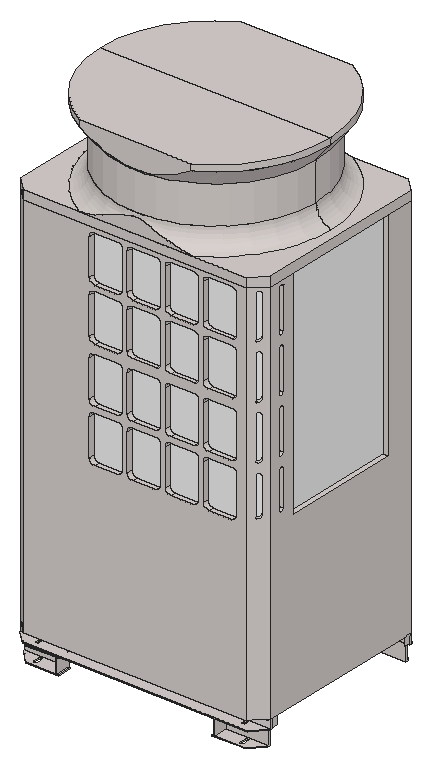
Revit family "PUHY-EM250YNW-A1", category 機械設備, Revit 2016 (continued)
Definition of nested family "FAN GUARD"
  Dimensions and locks
    locked: plane 10 "ファンガード上面" to plane 9 "ファンガード基準上面" at 303
    aligned and locked: level to plane 2
    aligned and locked: plane 5 to Extrusion 1 sketch curve
    aligned and locked: Extrusion 1 sketch curve to plane 6
    aligned and locked: plane 8 to Extrusion 1 sketch curve
    aligned and locked: plane 7 to Extrusion 1 sketch curve
    aligned and locked: plane 9 "ファンガード基準上面" to Extrusion 1
    aligned and locked: plane 4 "ファンガード基準面" to Extrusion 1
    aligned and locked: plane 9 "ファンガード基準上面" to Revolve 2 sketch curve
    aligned and locked: Revolve 2 sketch curve to plane 3 "中心(左/右)"
    aligned and locked: Extrusion 1 to Extrusion 3 sketch curve
    aligned and locked: Extrusion 3 sketch curve to Extrusion 1
    aligned and locked: cut or joined group of Revolve 2, Extrusion 3 to plane 10 "ファンガード上面"
  Automatic sketch dimensions
    Extrusion 1 sketch curve to plane 7 = 50.000 mm  (x2)
    plane 8 to Extrusion 1 sketch curve = 50.000 mm  (x2)
    plane 5 to Extrusion 1 sketch curve = 50.000 mm  (x2)
    Extrusion 1 sketch curve to plane 6 = 50.000 mm  (x2)
    plane 3 "中心(左/右)" to Extrusion 3 sketch curve = 345.000 mm  (x2)
    Extrusion 3 sketch curve to plane 3 "中心(左/右)" = 345.000 mm  (x2)
    Extrusion 3 sketch curve to Extrusion 3 sketch curve = 175.000 mm
    Extrusion 3 sketch curve to Extrusion 3 sketch curve = 169.592 mm
    plane 1 "中心(正面/背面)" to curve 2 = 0.000 mm
    plane 1 "中心(正面/背面)" to curve 3 = 0.000 mm
    curve 3 to plane 3 "中心(左/右)" = 0.000 mm
    curve 12 to plane 3 "中心(左/右)" = 0.000 mm
    plane 1 "中心(正面/背面)" to curve 1 = 0.000 mm
    plane 3 "中心(左/右)" to curve 55 = 10.000 mm
    curve 17 to curve 12 = 20.000 mm
    curve 57 to curve 55 = 20.000 mm
    curve 18 to curve 17 = 20.000 mm
    curve 58 to curve 57 = 20.000 mm
    curve 19 to curve 18 = 20.000 mm
    curve 59 to curve 58 = 20.000 mm
    curve 20 to curve 19 = 20.000 mm
    curve 2 to curve 59 = 10.000 mm
    curve 21 to curve 20 = 20.000 mm
    curve 22 to curve 21 = 20.000 mm
    curve 23 to curve 22 = 20.000 mm
    curve 24 to curve 23 = 20.000 mm
    curve 25 to curve 24 = 20.000 mm
    curve 26 to curve 25 = 20.000 mm
    curve 27 to curve 26 = 20.000 mm
    curve 28 to curve 27 = 20.000 mm
    curve 29 to curve 28 = 20.000 mm
    curve 11 to curve 29 = 16.639 mm
    curve 7 to curve 29 = 16.639 mm
    curve 30 to curve 7 = 3.361 mm
    curve 31 to curve 30 = 20.000 mm
    curve 32 to curve 31 = 20.000 mm
    curve 33 to curve 32 = 20.000 mm
    curve 6 to curve 33 = 8.323 mm
    curve 10 to curve 33 = 8.323 mm
    curve 34 to curve 10 = 11.677 mm
    curve 35 to curve 34 = 20.000 mm
    curve 9 to curve 35 = 11.572 mm
    curve 5 to curve 35 = 11.572 mm
    curve 36 to curve 9 = 8.428 mm
    curve 8 to curve 36 = 15.366 mm
    curve 4 to curve 36 = 15.366 mm
    curve 37 to curve 8 = 4.634 mm
    curve 2 to curve 37 = 3.000 mm
    curve 56 to plane 3 "中心(左/右)" = 10.000 mm
    curve 13 to plane 3 "中心(左/右)" = 20.000 mm
    curve 56 to curve 60 = 20.000 mm
    curve 13 to curve 14 = 20.000 mm
    curve 60 to curve 61 = 20.000 mm
    curve 14 to curve 15 = 20.000 mm
    curve 61 to curve 62 = 20.000 mm
    curve 15 to curve 16 = 20.000 mm
    curve 16 to curve 38 = 20.000 mm
    curve 38 to curve 39 = 20.000 mm
    curve 39 to curve 40 = 20.000 mm
    curve 40 to curve 41 = 20.000 mm
    curve 41 to curve 42 = 20.000 mm
    curve 42 to curve 43 = 20.000 mm
    curve 43 to curve 44 = 20.000 mm
    curve 44 to curve 45 = 20.000 mm
    curve 45 to curve 46 = 20.000 mm
    curve 46 to curve 7 = 16.639 mm
    curve 46 to curve 11 = 16.639 mm
    curve 7 to curve 47 = 3.361 mm
    curve 47 to curve 48 = 20.000 mm
    curve 48 to curve 49 = 20.000 mm
    curve 49 to curve 50 = 20.000 mm
    curve 50 to curve 6 = 8.323 mm
    curve 50 to curve 10 = 8.323 mm
    curve 10 to curve 51 = 11.677 mm
    curve 51 to curve 52 = 20.000 mm
    curve 52 to curve 9 = 11.572 mm
    curve 52 to curve 5 = 11.572 mm
    curve 5 to curve 53 = 8.428 mm
    curve 53 to curve 4 = 15.366 mm
    curve 53 to curve 8 = 15.366 mm
    curve 4 to curve 54 = 4.634 mm
    curve 54 to curve 1 = 3.000 mm
    curve 8 to plane 1 "中心(正面/背面)" = 80.000 mm
    curve 36 to curve 8 = 57.583 mm
    curve 53 to curve 8 = 57.583 mm
    curve 9 to curve 36 = 22.417 mm
    curve 52 to curve 9 = 25.820 mm
    curve 35 to curve 9 = 25.820 mm
    curve 51 to curve 52 = 36.282 mm
    curve 34 to curve 35 = 36.282 mm
    curve 10 to curve 51 = 17.899 mm
    curve 33 to curve 10 = 11.653 mm
    curve 50 to curve 10 = 11.653 mm
    curve 49 to curve 50 = 24.986 mm
    curve 32 to curve 33 = 24.986 mm
    curve 48 to curve 49 = 21.571 mm
    curve 31 to curve 32 = 21.571 mm
    curve 47 to curve 48 = 18.853 mm
    curve 30 to curve 31 = 18.853 mm
    curve 11 to curve 30 = 2.937 mm
    curve 29 to curve 11 = 13.660 mm
    curve 46 to curve 11 = 13.660 mm
    curve 28 to curve 29 = 14.663 mm
    curve 45 to curve 46 = 14.663 mm
    curve 44 to curve 45 = 12.965 mm
    curve 27 to curve 28 = 12.965 mm
    curve 12 to curve 27 = 8.712 mm
    curve 12 to curve 21 = 0.000 mm
    curve 13 to curve 12 = 0.000 mm
    curve 14 to curve 13 = 0.000 mm  (x2)
    curve 12 to curve 18 = 0.000 mm
    curve 21 to curve 23 = 0.000 mm
    curve 43 to curve 44 = 8.712 mm
    curve 23 to curve 24 = 0.000 mm  (x2)
    curve 43 to curve 42 = 0.000 mm  (x2)
    curve 24 to curve 25 = 0.000 mm  (x2)
    curve 42 to curve 41 = 0.000 mm  (x2)
    curve 25 to curve 26 = 0.000 mm  (x2)
    curve 41 to curve 40 = 0.000 mm  (x2)
    curve 20 to curve 21 = 0.000 mm  (x2)
    curve 40 to curve 39 = 0.000 mm  (x2)
    curve 15 to curve 14 = 0.000 mm
    curve 39 to curve 38 = 0.000 mm
    curve 38 to curve 16 = 0.000 mm  (x2)
    curve 18 to curve 19 = 0.000 mm  (x2)
    curve 12 to curve 17 = 0.000 mm  (x2)
    curve 21 to curve 22 = 0.000 mm  (x2)
    curve 8 to curve 37 = 29.711 mm
    curve 8 to curve 54 = 29.711 mm
    plane 1 "中心(正面/背面)" to curve 37 = 50.289 mm
    plane 1 "中心(正面/背面)" to curve 54 = 50.289 mm
    curve 37 to curve 4 = 29.711 mm
    curve 4 to curve 36 = 57.583 mm
    curve 4 to curve 53 = 57.583 mm
    curve 36 to curve 5 = 22.417 mm
    curve 5 to curve 52 = 25.820 mm
    curve 5 to curve 35 = 25.820 mm
    curve 35 to curve 34 = 36.282 mm
    curve 52 to curve 51 = 36.282 mm
    curve 51 to curve 6 = 17.899 mm
    curve 6 to curve 50 = 11.653 mm
    curve 6 to curve 33 = 11.653 mm
    curve 50 to curve 49 = 24.986 mm
    curve 33 to curve 32 = 24.986 mm
    curve 49 to curve 48 = 21.571 mm
    curve 32 to curve 31 = 21.571 mm
    curve 48 to curve 47 = 18.853 mm
    curve 31 to curve 30 = 18.853 mm
    curve 30 to curve 7 = 2.937 mm
    curve 7 to curve 46 = 13.660 mm
    curve 7 to curve 29 = 13.660 mm
    curve 29 to curve 28 = 14.663 mm
    curve 46 to curve 45 = 14.663 mm
    curve 45 to curve 44 = 12.965 mm
    curve 28 to curve 27 = 12.965 mm
    curve 44 to curve 13 = 8.712 mm
    curve 27 to curve 23 = 8.712 mm
    curve 15 to curve 13 = 0.000 mm
    curve 44 to curve 42 = 8.712 mm
    curve 16 to curve 15 = 0.000 mm
    curve 22 to curve 23 = 0.000 mm
    curve 13 to curve 17 = 0.000 mm
    curve 17 to curve 19 = 0.000 mm
    Revolve 2 sketch curve to plane 3 "中心(左/右)" = 0.000 mm
    Revolve 2 sketch curve to plane 10 "ファンガード上面" = 0.000 mm
    plane 9 "ファンガード基準上面" to Revolve 2 sketch curve = 70.141 mm
    Revolve 2 sketch curve to Revolve 2 sketch curve = 18.161 mm
    Revolve 2 sketch curve to level = 1700.815 mm
    Revolve 2 sketch curve to plane 10 "ファンガード上面" = 93.336 mm
    Revolve 2 sketch curve to plane 10 "ファンガード上面" = 24.000 mm
    Revolve 2 sketch curve to Revolve 2 sketch curve = 790.769 mm
    Revolve 2 sketch curve to Revolve 2 sketch curve = 17.668 mm
Definition of nested family "BASE LEG"
  Parameters
    Width [instance] = 920.000 mm
  Reference planes
    plane 1 "中心(正面/背面)": y = 0
    plane 2: z = 0
    plane 3 "中心(左/右)": x = 0
    plane 4: x = 460
    plane 5: x = -460
    plane 6: x = -380
    plane 7: x = 380
    plane 8: y = -18
    plane 9: y = 39
    plane 10: z = 53
    plane 11: y = 42
    plane 12: y = 27
    plane 13: x = 415
    plane 14: x = -415
    plane 15: z = 8
    plane 16: y = 11.5
    plane 17: z = 35
  Forms (mm)
    Extrusion 1, solid
      sketch origin (0, 0, 0) x (0, 1, 0) y (0, 0, 1)
        loop
          line (-18, 0) -> (36, 0) -> (36, 32) -> (56, 32) -> (56, 35) -> (33, 35) -> (33, 3) -> (-18, 3) -> (-18, 0)
      from -460 to 460
    Extrusion 2, void
      sketch origin (0, 0, 0) x (1, 0, 0) y (0, 1, 0)
        loop
          line (415, -18) -> (460, -18) -> (460, 27) -> (415, -18)
        loop
          line (-415, -18) -> (-460, 27) -> (-460, -18) -> (-415, -18)
      from 0 to 250
    Extrusion 3, void
      sketch origin (0, 12.023, 0) x (1, 0, 0) y (0, 1, 0)
        loop
          arc (373, -2.971) -> (380, -9.971) -> (387, -2.971) r 7
          line (387, -2.971) -> (387, 3.023)
          arc (387, 3.023) -> (380, 10.023) -> (373, 3.023) r 7
          line (373, 3.023) -> (373, -2.971)
        loop
          line (-373, -2.971) -> (-373, 3.023)
          arc (-373, 3.023) -> (-380, 10.023) -> (-387, 3.023) r 7
          line (-387, 3.023) -> (-387, -2.971)
          arc (-387, -2.971) -> (-380, -9.971) -> (-373, -2.971) r 7
      from 0 to 250
    Extrusion 4, solid
      sketch origin (0, 0, -3) x (1, 0, 0) y (0, 0, 1)
        loop
          line (457, 8) -> (460, 8) -> (460, 35) -> (457, 35) -> (457, 8)
        loop
          line (-457, 8) -> (-457, 35) -> (-460, 35) -> (-460, 8) -> (-457, 8)
      from -36 to -56
    Extrusion 5, solid
      sketch origin (150, 352, 0) x (1, 0, 0) y (0, 1, 0)
        loop
          line (310, -319) -> (305, -319) -> (305, -320) -> (255, -370) -> (260, -370) -> (310, -320) -> (310, -319)
      from 3 to 35
    Extrusion 6, void
      sketch origin (410, -18, 0) x (0.707107, 0.707107, 0) y (0, 0, 1)
        loop
          line (70.711, 3) -> (-6.741, 39.767) -> (-6.741, 3) -> (70.711, 3)
      from -190.256 to 23.776
    Extrusion 7, solid
      sketch origin (-150, 352, 0) x (-1, 0, 0) y (0, -1, 0)
        loop
          line (310, 319) -> (310, 320) -> (260, 370) -> (255, 370) -> (305, 320) -> (305, 319) -> (310, 319)
      from 3 to 35
    Extrusion 8, void
      sketch origin (-410, -18, 0) x (0.707107, -0.707107, 0) y (0, 0, -1)
        loop
          line (-70.711, -3) -> (0, -35) -> (6.741, -35) -> (6.741, -3) -> (-70.711, -3)
      from -190.256 to 23.776
  Cuts and joins
    Extrusion 2, Extrusion 3 cuts Extrusion 1
    joined: Extrusion 1, Extrusion 4
    Extrusion 8 cuts Extrusion 7
    Extrusion 6 cuts Extrusion 5
  Dimensions and locks
    "Width": plane 5 to plane 4
    equal spacing: plane 5, plane 3 "中心(左/右)", plane 4
    locked: plane 5 to plane 6 at 80
    locked: plane 7 to plane 4 at 80
    locked: plane 8 to plane 9 at 57
    locked: plane 10 to level at 53
    locked: plane 9 to plane 11 at 3
    plane 8 to plane 12 = 45.000 mm
    locked: plane 13 to plane 4 at 45
    locked: plane 5 to plane 14 at 45
    equal spacing: Extrusion 3 sketch curve, plane 7, Extrusion 3 sketch curve
    equal spacing: Extrusion 3 sketch curve, plane 6, Extrusion 3 sketch curve
    locked: plane 10 to plane 15 at 45
    locked: cut or joined group of Extrusion 1, Extrusion 2, Extrusion 3, Extrusion 4 to Extrusion 4 sketch curve at 3  (x2)
    locked: plane 8 to plane 16 at 29.5
    plane 8 to plane 11 = 60.000 mm
    cut or joined group of Extrusion 1, Extrusion 2, Extrusion 3, Extrusion 4 to cut or joined group of Extrusion 1, Extrusion 2, Extrusion 3, Extrusion 4 = 35.000 mm
    aligned and locked: level to plane 2
    aligned and locked: plane 8 to Extrusion 1 sketch curve
    aligned and locked: plane 4 to Extrusion 1
    aligned and locked: Extrusion 1 to plane 5
    aligned and locked: Extrusion 2 sketch curve to plane 4
    aligned and locked: Extrusion 2 sketch curve to plane 8
    aligned and locked: plane 12 to Extrusion 2 sketch curve
    aligned and locked: plane 13 to Extrusion 2 sketch curve
    aligned and locked: plane 4 to Extrusion 4 sketch curve
    aligned and locked: plane 5 to Extrusion 4 sketch curve
    aligned and locked: cut or joined group of Extrusion 7, Extrusion 8 to cut or joined group of Extrusion 1, Extrusion 2, Extrusion 3, Extrusion 4
  Automatic sketch dimensions
    Extrusion 3 sketch curve to plane 1 "中心(正面/背面)" = 9.052 mm  (x2)
    Extrusion 3 sketch curve to plane 7 = 7.000 mm
    Extrusion 3 sketch curve to plane 1 "中心(正面/背面)" = 15.046 mm  (x2)
    Extrusion 3 sketch curve to plane 6 = 7.000 mm
    Extrusion 2 sketch curve to plane 5 = 0.000 mm
    plane 8 to Extrusion 2 sketch curve = 0.000 mm
    Extrusion 2 sketch curve to plane 14 = 0.000 mm
    plane 12 to Extrusion 2 sketch curve = 0.000 mm
    Extrusion 4 sketch curve to plane 10 = 21.000 mm
    plane 7 to Extrusion 5 sketch curve = 25.000 mm
    Extrusion 5 sketch curve to Extrusion 5 sketch curve = 5.000 mm  (x2)
    plane 7 to Extrusion 5 sketch curve = 75.000 mm
    plane 8 to Extrusion 5 sketch curve = 0.000 mm
    Extrusion 5 sketch curve to Extrusion 5 sketch curve = 50.000 mm
    Extrusion 5 sketch curve to Extrusion 5 sketch curve = 0.000 mm
    Extrusion 5 sketch curve to Extrusion 5 sketch curve = 1.000 mm
    Extrusion 6 sketch curve to Extrusion 5 = 0.000 mm  (x2)
    Extrusion 6 sketch curve to Extrusion 5 = 6.741 mm
    Extrusion 6 sketch curve to Extrusion 5 = 4.767 mm
    plane 6 to Extrusion 7 sketch curve = 25.000 mm
    Extrusion 7 sketch curve to Extrusion 7 sketch curve = 5.000 mm  (x2)
    Extrusion 7 sketch curve to Extrusion 7 sketch curve = 45.000 mm
    Extrusion 7 sketch curve to plane 8 = 0.000 mm
    Extrusion 7 sketch curve to Extrusion 7 sketch curve = 50.000 mm
    Extrusion 7 sketch curve to Extrusion 7 sketch curve = 0.000 mm
    Extrusion 7 sketch curve to Extrusion 7 sketch curve = 1.000 mm
    Extrusion 8 sketch curve to Extrusion 7 = 0.000 mm  (x2)
    Extrusion 7 to Extrusion 8 sketch curve = 0.000 mm  (x2)
    Extrusion 7 to Extrusion 8 sketch curve = 6.741 mm
    Extrusion 4 sketch curve to plane 17 = 3.000 mm
    Extrusion 4 sketch curve to plane 15 = 3.000 mm  (x2)
    Extrusion 1 sketch curve to plane 17 = 0.000 mm
    Extrusion 1 sketch curve to level = 0.000 mm
    level to Extrusion 1 sketch curve = 3.000 mm
    plane 9 to Extrusion 1 sketch curve = 6.000 mm
    plane 9 to Extrusion 1 sketch curve = 3.000 mm
    Extrusion 1 sketch curve to plane 17 = 3.000 mm
    Extrusion 1 sketch curve to plane 11 = 14.000 mm
Definition of nested family "ATTACHMENT LEG"
  Parameters
    Width = 145.000 mm
  Reference planes
    plane 1: z = 0
    plane 2 "中心(左/右)": x = -6
    plane 3: x = -52
    plane 4: x = 85
    plane 5: x = 93
    plane 6: y = -21
    plane 7: y = 27
    plane 8: x = -30
    plane 9: y = 39
    plane 10: z = 60
    plane 11: z = 57
    plane 12: z = 3
    plane 13: x = 82
    plane 14: y = 36
    plane 15: x = -75
    plane 16: y = 31
    plane 17 "幅": x = 93
    plane 18: y = 2.5
    plane 19: y = 21
    plane 20: y = -10
  Forms (mm)
    Extrusion 1, solid
      sketch origin (0, -1, 0) x (1, 0, 0) y (0, 1, 0)
        loop
          line (-75, 36) -> (-75, 27) -> (-28, -20) -> (93, -20) -> (93, 32) -> (85, 32) -> (85, 36) -> (-75, 36)
      from 0 to 60
    Extrusion 2, void
      sketch origin (0, -3, 0) x (1, 0, 0) y (0, 0, 1)
        loop
          line (-75, 57) -> (-75, 3) -> (82, 3) -> (82, 57) -> (-75, 57)
        loop
          line (93, 57) -> (85, 57) -> (85, 3) -> (93, 3) -> (93, 57)
      from -35 to 18
    Extrusion 3, void
      sketch origin (-6, 5.5, 0) x (1, 0, 0) y (0, 1, 0)
        loop
          arc (-7, -8.5) -> (0, -15.5) -> (7, -8.5) r 7
          line (7, -8.5) -> (7, 8.5)
          arc (7, 8.5) -> (0, 15.5) -> (-7, 8.5) r 7
          line (-7, 8.5) -> (-7, -8.5)
      from 0 to 60
  Cuts and joins
    Extrusion 2, Extrusion 3 cuts Extrusion 1
  Dimensions and locks
    locked: plane 3 to plane 4 at 137
    locked: plane 3 to plane 5 at 145
    plane 6 to plane 7 = 48.000 mm
    locked: plane 10 to level at 60
    Extrusion 3 sketch curve to plane 2 "中心(左/右)" = 7.000 mm
    locked: plane 15 to plane 2 "中心(左/右)" at 69
    locked: plane 15 to plane 8 at 45
    locked: plane 6 to plane 18 at 23.5
    cut or joined group of Extrusion 1, Extrusion 2, Extrusion 3 to cut or joined group of Extrusion 1, Extrusion 2, Extrusion 3 = 168.000 mm
    cut or joined group of Extrusion 1, Extrusion 2, Extrusion 3 to cut or joined group of Extrusion 1, Extrusion 2, Extrusion 3 = 56.000 mm  (x2)
    plane 14 to plane 6 = 57.000 mm
    aligned and locked: level to plane 1
    aligned and locked: Extrusion 1 sketch curve to plane 4
    aligned and locked: Extrusion 1 sketch curve to plane 5
    aligned: plane 8 to Extrusion 1 sketch curve
    aligned and locked: plane 10 to Extrusion 1
    aligned and locked: Extrusion 2 sketch curve to plane 11
    aligned: plane 3 to Extrusion 2 sketch curve
    aligned and locked: plane 12 to Extrusion 2 sketch curve
    aligned and locked: Extrusion 2 sketch curve to plane 13
    aligned and locked: plane 6 to Extrusion 2
    aligned and locked: plane 11 to Extrusion 2 sketch curve
    aligned and locked: plane 5 to Extrusion 2 sketch curve
    aligned and locked: Extrusion 2 sketch curve to plane 12
    aligned and locked: Extrusion 2 sketch curve to plane 4
    aligned and locked: plane 15 to Extrusion 1 sketch curve
    aligned and locked: Extrusion 2 sketch curve to cut or joined group of Extrusion 1, Extrusion 2, Extrusion 3
    aligned and locked: Extrusion 1 to plane 16
Types (6, lengths in mm): name | Rated Load Ampacity (A) Heating mode | Rated Load Ampacity (A) Cooling mode | Voltage | Hertz | Heating Current (Nominal) (A) | Heating Current (Max) (A) | Cooling Current (A)
  PUHY-EM250YNW-A1_380V_50Hz | 13.3 | 12.3 | 380 V | 50 Hz | 9.8 | 11.6 | 10.7
  PUHY-EM250YNW-A1_380V_60Hz | 13.3 | 12.3 | 380 V | 60 Hz | 9.8 | 11.6 | 10.7
  PUHY-EM250YNW-A1_400V_50Hz | 12.6 | 11.7 | 400 V | 50 Hz | 9.3 | 11 | 10.1
  PUHY-EM250YNW-A1_400V_60Hz | 12.6 | 11.7 | 400 V | 60 Hz | 9.3 | 11 | 10.1
  PUHY-EM250YNW-A1_415V_50Hz | 12.1 | 11.2 | 415 V | 50 Hz | 9 | 10.6 | 9.8
  PUHY-EM250YNW-A1_415V_60Hz | 12.1 | 11.2 | 415 V | 60 Hz | 9 | 10.6 | 9.8
